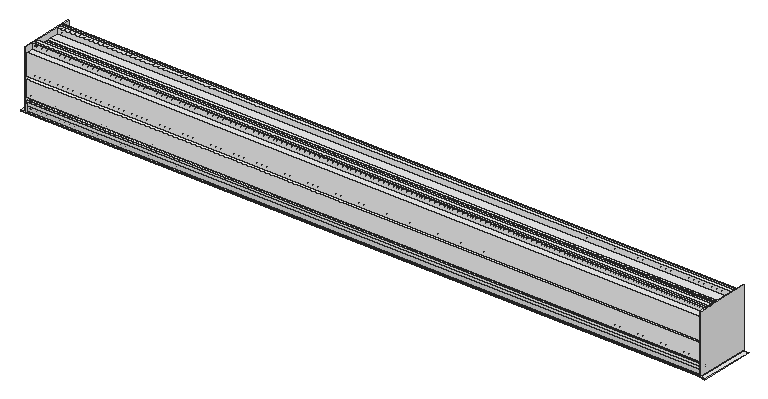
Revit family "MD2-AL4", category Lighting Fixtures, host Ceiling, Revit 2023
Family settings
  Host = Ceiling
  Round Connector Dimension = Use Diameter
  Part Type = Normal
  OmniClass Number = 23.80.70.11.14.11
  OmniClass Title = Downlights
  Always vertical = Yes
  Cut with Voids When Loaded = No
  Light Source = Yes
  Maintain Annotation Orientation = No
  Shared = No
  Room Calculation Point = No
Parameters (values of type "MD2AL4-48-LED840K035LUNV (Ambient Mode)")
  Width = 0' - 3 3/4"
  Wattage = 29.2 W
  built-in parameter 1150110 = 1 (stored number, unit not read)
  Voltage = 120 V
  URL = "https://www.viscor.com/en/products/md2-al4"
  built-in parameter 1114217 = 0.9 (stored number, unit not read)
  Tilt Angle = 90.00°
  built-in parameter 1150109 = 1 (stored number, unit not read)
  built-in parameter 1150134 = 12
  built-in parameter 1150113 = 1 (stored number, unit not read)
  Photometric Web File = "MD2AL4-48-LED840K035LUNV (Ambient Mode).ies"
  Model = "MD2-AL4"  # constant formula
  Manufacturer = "CERTOLUX by VISCOR"  # constant formula
  Lumens = 3522.98 lm
  built-in parameter 1150115 = 1 (stored number, unit not read)
  built-in parameter 1150105 = 280.35 (stored number, unit not read)
  built-in parameter 1150137 = (empty or 0)
  built-in parameter 1150139 = (empty or 0)
  Lens Finsih = Polycarbonate - Viscor - Frosted
  Length = 3' - 11 11/16"
  Lamp Wattage = 29.2 VA
  built-in parameter 1150112 = 1 (stored number, unit not read)
  built-in parameter 1150114 = 1 (stored number, unit not read)
  Lamp = "LED"  # constant formula
  built-in parameter 1150132 = (empty or 0)
  built-in parameter 1150102 = (empty or 0)
  built-in parameter 1150138 = (empty or 0)
  built-in parameter 1150107 = 4000 (stored number, unit not read)
  built-in parameter 1150106 = 2.8035 (stored number, unit not read)
  Housing Finish = Metal - Viscor - White
  Emit from Line Length = Length  # 3' - 11 11/16"
  built-in parameter 1150104 = 11.209 (stored number, unit not read)
  Dimming Lamp Color Temperature Shift = <None>
  Description = "LED Recessed Medical Patient Ambient Exam Troffer "  # constant formula
  Default Elevation = 0' - 0"
  Color Filter = 16777215
  built-in parameter 1114218 = 1 (stored number, unit not read)
  built-in parameter 1150133 = 10 (stored number, unit not read)
  Assembly Code = "D5020200"
  Apparent Load = Lamp Wattage  # 29.2 VA
Types (6): name | Wattage | Photometric Web File | Lumens | built-in parameter 1150105 | Lamp Wattage | built-in parameter 1150106 | built-in parameter 1150104 | Apparent Load
  (no name) | 29.2 W | "MD2AL4-48-LED840K035LUNV (Ambient Mode).ies" | 3522.98 lm | 280.35 (stored number, unit not read) | 29.2 VA | 2.8035 (stored number, unit not read) | 11.209 (stored number, unit not read) | 29.2 VA
  MD2AL4-48-LED840K035LUNV (Ambient Mode) | 29.2 W | "MD2AL4-48-LED840K035LUNV (Ambient Mode).ies" | 3522.98 lm | 280.35 (stored number, unit not read) | 29.2 VA | 2.8035 (stored number, unit not read) | 11.209 (stored number, unit not read) | 29.2 VA
  MD2AL4-48-LED840K040LUNV (Ambient Mode) | 33.9 W | "MD2AL4-48-LED840K040LUNV (Ambient Mode).ies" | 4035.8 lm | 321.16 (stored number, unit not read) | 33.9 VA | 3.2116 (stored number, unit not read) | 11.06 (stored number, unit not read) | 33.9 VA
  MD2AL4-48-LED840K045LUNV (Ambient Mode) | 37.5319 W | "MD2AL4-48-LED840K045LUNV (Ambient Mode).ies" | 4553 lm | 362.32 (stored number, unit not read) | 37.5 VA | 3.6232 (stored number, unit not read) | 11.27 (stored number, unit not read) | 37.5 VA
  MD2AL4-48-LED840K045L_024LUNV (Exam Mode) | 58.5 W | "MD2AL4-48-LED840K045L_024LUNV (Exam Mode).ies" | 6983.73 lm | 555.75 (stored number, unit not read) | 58.5 VA | 5.5575 (stored number, unit not read) | 11.091 (stored number, unit not read) | 58.5 VA
  MD2AL4-48-LED840K045L_028LUNV (Exam Mode) | 62.5 W | "MD2AL4-48-LED840K045L_028LUNV (Exam Mode).ies" | 7411.88 lm | 589.82 (stored number, unit not read) | 62.5 VA | 5.8982 (stored number, unit not read) | 11.017 (stored number, unit not read) | 62.5 VA
Reference planes (in)
  plane 1 "Light Source Axis (F/B)": y = 0
  plane 2 "Ceiling": z = 96
  plane 3 "Light Source Axis (L/R)": x = 0
  plane 4 "Light Source Elevation": z = 95.75
  plane 5: x = -23.84375
  plane 6: x = 23.84375
  plane 7: y = 1.875
  plane 8: y = -1.875
  plane 9: x = -23.50475
  plane 10: x = 23.50475
  plane 11: x = -23.4735
  plane 12: x = 23.4735
Forms (in)
  Extrusion 1, solid, material "Metal - Viscor - White" <- "Housing Finish"
    sketch origin (0, 0, 0.04688) x (0, 1, 0) y (0, 0, 1)
      loop
        line (0.12244, 99.73772) -> (-0.00158, 99.71838) -> (-0.12244, 99.73772) -> (-0.17829, 99.71873) -> (-0.859, 99.71812) -> (-0.859, 100.07813) -> (-1.11086, 100.07813) -> (-1.16081, 99.82743)
        arc (-1.16081, 99.82743) -> (-1.195, 99.71813) -> (-1.22919, 99.82743) r 0.06
        line (-1.22919, 99.82743) -> (-1.27914, 100.07813) -> (-1.333, 100.07813) -> (-1.333, 99.71813) -> (-1.825, 99.71813) -> (-1.825, 98.23627) -> (-1.65552, 98.18949)
        arc (-1.65552, 98.18949) -> (-1.545, 98.15713) -> (-1.65552, 98.12476) r 0.06
        line (-1.65552, 98.12476) -> (-1.825, 98.07798) -> (-1.825, 96.92027) -> (-1.65552, 96.87349)
        arc (-1.65552, 96.87349) -> (-1.545, 96.84113) -> (-1.65552, 96.80876) r 0.06
        line (-1.65552, 96.80876) -> (-1.825, 96.76198) -> (-1.825, 96.60007)
        arc (-1.825, 96.60007) -> (-1.8187, 96.47994) -> (-1.79989, 96.36113) r 1.14925
        line (-1.79989, 96.36113) -> (-1.72974, 96.03113) -> (-1.825, 96.03113) -> (-1.825, 95.95313) -> (-1.53, 95.95313)
        arc (-1.53, 95.95313) -> (-1.50879, 95.96191) -> (-1.5, 95.98313) r 0.03
        line (-1.5, 95.98313) -> (-1.5, 96.03113) -> (-1.65, 96.03113) -> (-1.72359, 96.37734)
        arc (-1.72359, 96.37734) -> (-1.74113, 96.48809) -> (-1.747, 96.60007) r 1.07125
        line (-1.747, 96.60007) -> (-1.747, 96.70313) -> (-1.33, 96.70313) -> (-1.33, 96.78113) -> (-1.48073, 96.78113)
        arc (-1.48073, 96.78113) -> (-1.48919, 96.91617) -> (-1.609, 96.97907) r 0.138
        line (-1.609, 96.97907) -> (-1.609, 97.05913) -> (-1.687, 97.05913) -> (-1.687, 96.97913) -> (-1.747, 96.97913) -> (-1.747, 98.01913) -> (-1.687, 98.01913) -> (-1.687, 97.92913) -> (-1.63271, 97.92913) -> (-1.52301, 97.73912) -> (-1.47637, 97.76605) -> (-1.54629, 97.93544) -> (-1.58054, 97.99475)
        arc (-1.58054, 97.99475) -> (-1.58171, 98.01235) -> (-1.5685, 98.02404) r 0.02
        arc (-1.5685, 98.02404) -> (-1.536, 98.03761) -> (-1.50799, 98.05898) r 0.138
        arc (-1.50799, 98.05898) -> (-1.49126, 98.06457) -> (-1.47661, 98.05475) r 0.02
        line (-1.47661, 98.05475) -> (-1.44237, 97.99544) -> (-1.33063, 97.85019) -> (-1.28399, 97.87712) -> (-1.48549, 98.22613)
        arc (-1.48549, 98.22613) -> (-1.536, 98.27664) -> (-1.605, 98.29513) r 0.138
        line (-1.605, 98.29513) -> (-1.747, 98.29513) -> (-1.747, 98.37513) -> (-1.697, 98.37513) -> (-1.697, 98.45313) -> (-1.747, 98.45313) -> (-1.747, 99.49213) -> (-1.697, 99.49213) -> (-1.697, 99.57013) -> (-1.747, 99.57013) -> (-1.747, 99.64013) -> (-1.087, 99.64013) -> (-1.057, 99.67012) -> (-1.057, 99.88179) -> (-1.057, 100.00012) -> (-0.937, 100.00012) -> (-0.937, 99.88179) -> (-0.937, 99.67012) -> (-0.907, 99.64013) -> (0.907, 99.64013) -> (0.937, 99.67012) -> (0.937, 99.88179) -> (0.937, 100.00012) -> (1.057, 100.00012) -> (1.057, 99.88179) -> (1.057, 99.67012) -> (1.087, 99.64013) -> (1.747, 99.64013) -> (1.747, 99.57013) -> (1.697, 99.57013) -> (1.697, 99.49213) -> (1.747, 99.49213) -> (1.747, 98.45313) -> (1.697, 98.45313) -> (1.697, 98.37513) -> (1.747, 98.37513) -> (1.747, 98.29513) -> (1.605, 98.29513)
        arc (1.605, 98.29513) -> (1.536, 98.27664) -> (1.48549, 98.22613) r 0.138
        line (1.48549, 98.22613) -> (1.28399, 97.87712) -> (1.33063, 97.85019) -> (1.44237, 97.99544) -> (1.47661, 98.05475)
        arc (1.47661, 98.05475) -> (1.49126, 98.06457) -> (1.50799, 98.05898) r 0.02
        arc (1.50799, 98.05898) -> (1.536, 98.03761) -> (1.5685, 98.02404) r 0.138
        arc (1.5685, 98.02404) -> (1.58171, 98.01235) -> (1.58054, 97.99475) r 0.02
        line (1.58054, 97.99475) -> (1.54629, 97.93544) -> (1.47637, 97.76605) -> (1.52301, 97.73912) -> (1.63271, 97.92913) -> (1.687, 97.92913) -> (1.687, 98.01913) -> (1.747, 98.01913) -> (1.747, 96.97913) -> (1.687, 96.97913) -> (1.687, 97.05913) -> (1.609, 97.05913) -> (1.609, 96.97907)
        arc (1.609, 96.97907) -> (1.48919, 96.91617) -> (1.48073, 96.78113) r 0.138
        line (1.48073, 96.78113) -> (1.33, 96.78113) -> (1.33, 96.70313) -> (1.747, 96.70313) -> (1.747, 96.60007)
        arc (1.747, 96.60007) -> (1.74113, 96.48809) -> (1.72359, 96.37734) r 1.07125
        line (1.72359, 96.37734) -> (1.65, 96.03113) -> (1.5, 96.03113) -> (1.5, 95.98313)
        arc (1.5, 95.98313) -> (1.50879, 95.96191) -> (1.53, 95.95313) r 0.03
        line (1.53, 95.95313) -> (1.825, 95.95313) -> (1.825, 96.03113) -> (1.72974, 96.03113) -> (1.79989, 96.36113)
        arc (1.79989, 96.36113) -> (1.8187, 96.47994) -> (1.825, 96.60007) r 1.14925
        line (1.825, 96.60007) -> (1.825, 96.76198) -> (1.65552, 96.80876)
        arc (1.65552, 96.80876) -> (1.545, 96.84113) -> (1.65552, 96.87349) r 0.06
        line (1.65552, 96.87349) -> (1.825, 96.92027) -> (1.825, 98.07798) -> (1.65552, 98.12476)
        arc (1.65552, 98.12476) -> (1.545, 98.15713) -> (1.65552, 98.18949) r 0.06
        line (1.65552, 98.18949) -> (1.825, 98.23627) -> (1.825, 99.71813) -> (1.333, 99.71813) -> (1.333, 100.07813) -> (1.27914, 100.07813) -> (1.22919, 99.82743)
        arc (1.22919, 99.82743) -> (1.195, 99.71813) -> (1.16081, 99.82743) r 0.06
        line (1.16081, 99.82743) -> (1.11086, 100.07813) -> (0.859, 100.07813) -> (0.859, 99.71812) -> (0.17829, 99.71873) -> (0.12744, 99.73724)
    from -23.4735 to 23.4735
  Extrusion 2, solid, material "Metal - Viscor - White" <- "Housing Finish"
    sketch origin (0, 0, 0) x (1, 0, 0) y (0, 0, 1)
      loop
        line (-23.469, 96) -> (-23.469, 100.125) -> (-23.505, 100.125) -> (-23.505, 96.075)
        arc (-23.505, 96.075) -> (-23.51642, 96.04742) -> (-23.544, 96.036) r 0.039
        line (-23.544, 96.036) -> (-23.844, 96.036) -> (-23.844, 96) -> (-23.469, 96)
    from -1.875 to 1.875
  Extrusion 3, solid, material "Metal - Viscor - White" <- "Housing Finish"
    sketch origin (0, 0, 0) x (-1, 0, 0) y (0, 0, -1)
      loop
        line (-23.469, -96) -> (-23.844, -96) -> (-23.844, -96.036) -> (-23.544, -96.036)
        arc (-23.544, -96.036) -> (-23.51642, -96.04742) -> (-23.505, -96.075) r 0.039
        line (-23.505, -96.075) -> (-23.505, -100.125) -> (-23.469, -100.125) -> (-23.469, -96)
    from -1.875 to 1.875
  Extrusion 4, solid, material "Polycarbonate - Viscor - Frosted" <- "Lens Finsih"
    sketch origin (0, 0, 0.07422) x (0, 1, 0) y (0, 0, 1)
      loop
        line (1.49923, 95.96515) -> (1.46765, 96.10192) -> (1.57366, 96.03568)
        arc (1.57366, 96.03568) -> (1.615, 96.04523) -> (1.60545, 96.08657) r 0.03
        line (1.60545, 96.08657) -> (1.44857, 96.1846) -> (1.39967, 96.3964) -> (1.54151, 96.50722)
        arc (1.54151, 96.50722) -> (1.54668, 96.54933) -> (1.50457, 96.5545) r 0.03
        line (1.50457, 96.5545) -> (1.37901, 96.4564) -> (1.326, 96.4564)
        arc (1.326, 96.4564) -> (1.30521, 96.45268) -> (1.287, 96.44199) r 0.06
        arc (1.287, 96.44199) -> (1.248, 96.4564) -> (1.209, 96.44199) r 0.06
        arc (1.209, 96.44199) -> (1.17, 96.4564) -> (1.131, 96.44199) r 0.06
        arc (1.131, 96.44199) -> (1.092, 96.4564) -> (1.053, 96.44199) r 0.06
        arc (1.053, 96.44199) -> (1.014, 96.4564) -> (0.975, 96.44199) r 0.06
        arc (0.975, 96.44199) -> (0.936, 96.4564) -> (0.897, 96.44199) r 0.06
        arc (0.897, 96.44199) -> (0.858, 96.4564) -> (0.819, 96.44199) r 0.06
        arc (0.819, 96.44199) -> (0.78, 96.4564) -> (0.741, 96.44199) r 0.06
        arc (0.741, 96.44199) -> (0.702, 96.4564) -> (0.663, 96.44199) r 0.06
        arc (0.663, 96.44199) -> (0.624, 96.4564) -> (0.585, 96.44199) r 0.06
        arc (0.585, 96.44199) -> (0.546, 96.4564) -> (0.507, 96.44199) r 0.06
        arc (0.507, 96.44199) -> (0.468, 96.4564) -> (0.429, 96.44199) r 0.06
        arc (0.429, 96.44199) -> (0.39, 96.4564) -> (0.351, 96.44199) r 0.06
        arc (0.351, 96.44199) -> (0.312, 96.4564) -> (0.273, 96.44199) r 0.06
        arc (0.273, 96.44199) -> (0.234, 96.4564) -> (0.195, 96.44199) r 0.06
        arc (0.195, 96.44199) -> (0.156, 96.4564) -> (0.117, 96.44199) r 0.06
        arc (0.117, 96.44199) -> (0.078, 96.4564) -> (0.039, 96.44199) r 0.06
        arc (0.039, 96.44199) -> (0, 96.4564) -> (-0.039, 96.44199) r 0.06
        arc (-0.039, 96.44199) -> (-0.078, 96.4564) -> (-0.117, 96.44199) r 0.06
        arc (-0.117, 96.44199) -> (-0.156, 96.4564) -> (-0.195, 96.44199) r 0.06
        arc (-0.195, 96.44199) -> (-0.234, 96.4564) -> (-0.273, 96.44199) r 0.06
        arc (-0.273, 96.44199) -> (-0.312, 96.4564) -> (-0.351, 96.44199) r 0.06
        arc (-0.351, 96.44199) -> (-0.39, 96.4564) -> (-0.429, 96.44199) r 0.06
        arc (-0.429, 96.44199) -> (-0.468, 96.4564) -> (-0.507, 96.44199) r 0.06
        arc (-0.507, 96.44199) -> (-0.546, 96.4564) -> (-0.585, 96.44199) r 0.06
        arc (-0.585, 96.44199) -> (-0.624, 96.4564) -> (-0.663, 96.44199) r 0.06
        arc (-0.663, 96.44199) -> (-0.702, 96.4564) -> (-0.741, 96.44199) r 0.06
        arc (-0.741, 96.44199) -> (-0.78, 96.4564) -> (-0.819, 96.44199) r 0.06
        arc (-0.819, 96.44199) -> (-0.858, 96.4564) -> (-0.897, 96.44199) r 0.06
        arc (-0.897, 96.44199) -> (-0.936, 96.4564) -> (-0.975, 96.44199) r 0.06
        arc (-0.975, 96.44199) -> (-1.014, 96.4564) -> (-1.053, 96.44199) r 0.06
        arc (-1.053, 96.44199) -> (-1.092, 96.4564) -> (-1.131, 96.44199) r 0.06
        arc (-1.131, 96.44199) -> (-1.17, 96.4564) -> (-1.209, 96.44199) r 0.06
        arc (-1.209, 96.44199) -> (-1.248, 96.4564) -> (-1.287, 96.44199) r 0.06
        arc (-1.287, 96.44199) -> (-1.30521, 96.45268) -> (-1.326, 96.4564) r 0.06
        line (-1.326, 96.4564) -> (-1.37901, 96.4564) -> (-1.50457, 96.5545)
        arc (-1.50457, 96.5545) -> (-1.54668, 96.54933) -> (-1.54151, 96.50722) r 0.03
        line (-1.54151, 96.50722) -> (-1.39967, 96.3964) -> (-1.44857, 96.1846) -> (-1.60545, 96.08657)
        arc (-1.60545, 96.08657) -> (-1.615, 96.04523) -> (-1.57366, 96.03568) r 0.03
        line (-1.57366, 96.03568) -> (-1.46765, 96.10192) -> (-1.49923, 95.96515)
        arc (-1.49923, 95.96515) -> (-1.47675, 95.92917) -> (-1.44077, 95.95165) r 0.03
        line (-1.44077, 95.95165) -> (-1.33809, 96.3964) -> (1.33809, 96.3964) -> (1.44077, 95.95165)
        arc (1.44077, 95.95165) -> (1.47675, 95.92917) -> (1.49923, 95.96515) r 0.03
    from -23.4735 to 23.4735
  Extrusion 5, void
    sketch origin (0, 0, 96) x (1, 0, 0) y (0, 1, 0)
      loop
        line (-23.844, -1.875) -> (23.844, -1.875) -> (23.844, 1.875) -> (-23.844, 1.875) -> (-23.844, -1.875)
    from -0.09266 to 0
Cuts and joins
  Extrusion 5 cuts Extrusion 1
  Extrusion 5 cuts Extrusion 2
  Extrusion 5 cuts Extrusion 3
  Extrusion 5 cuts Extrusion 4
Dimensions and locks (in)
  equal spacing: host sketch curve, plane 3 "Light Source Axis (L/R)", host sketch curve
  equal spacing: host sketch curve, plane 1 "Light Source Axis (F/B)", host sketch curve
  host sketch curve to host sketch curve = 10' - 0"  (x2)
  equal spacing: plane 5, plane 3 "Light Source Axis (L/R)", plane 6
  "Length": plane 5 to plane 6
  equal spacing: plane 7, plane 1 "Light Source Axis (F/B)", plane 8
  "Width": plane 7 to plane 8
  plane 5 to plane 3 "Light Source Axis (L/R)" = 1' - 11 27/32"
  plane 7 to plane 1 "Light Source Axis (F/B)" = 0' - 1 7/8"
  plane 6 to plane 3 "Light Source Axis (L/R)" = 1' - 11 27/32"
  locked: plane 9 to plane 5 at 0.339
  locked: plane 10 to plane 6 at 0.339
  locked: plane 11 to plane 9 at 0.03125
  locked: plane 12 to plane 10 at 0.03125
  aligned and locked: plane 3 "Light Source Axis (L/R)" to imposter light
  aligned and locked: plane 1 "Light Source Axis (F/B)" to imposter light
  aligned and locked: plane 4 "Light Source Elevation" to imposter light
  aligned and locked: Extrusion 1 to plane 11
  aligned and locked: plane 12 to Extrusion 1
  aligned and locked: plane 7 to Extrusion 2
  aligned and locked: Extrusion 2 to plane 8
  aligned and locked: plane 7 to Extrusion 3
  aligned and locked: Extrusion 3 to plane 8
  aligned and locked: Extrusion 4 to plane 11
  aligned and locked: plane 12 to Extrusion 4
Automatic sketch dimensions
  Extrusion 1 sketch curve to Extrusion 1 sketch curve = 0' - 0"  (x29)
  plane 8 to Extrusion 1 sketch curve = 0' - 0.05"  (x4)
  plane 8 to Extrusion 1 sketch curve = 0' - 0.07511"
  plane 8 to Extrusion 1 sketch curve = 0' - 0.128"  (x2)
  Extrusion 1 sketch curve to Extrusion 1 sketch curve = 0' - 0.078"  (x16)
  plane 2 "Ceiling" to Extrusion 1 sketch curve = 0' - 0.078"  (x4)
  Extrusion 1 sketch curve to Extrusion 1 sketch curve = 0' - 0.09526"
  Extrusion 1 sketch curve to Extrusion 1 sketch curve = 0' - 0.0763"
  Extrusion 1 sketch curve to Extrusion 1 sketch curve = 0' - 0.05"  (x5)
  Extrusion 1 sketch curve to Extrusion 1 sketch curve = 0' - 0.06"  (x7)
  Extrusion 1 sketch curve to Extrusion 1 sketch curve = 0' - 0.09148"  (x2)
  Extrusion 1 sketch curve to Extrusion 1 sketch curve = 0' - 0.07974"  (x2)
  Extrusion 1 sketch curve to Extrusion 1 sketch curve = 0' - 0.05429"  (x2)
  Extrusion 1 sketch curve to Extrusion 1 sketch curve = 0' - 0.05052"  (x6)
  Extrusion 1 sketch curve to Extrusion 1 sketch curve = 0' - 0.05218"  (x2)
  Extrusion 1 sketch curve to Extrusion 1 sketch curve = 0' - 0.01732"  (x4)
  Extrusion 1 sketch curve to Extrusion 1 sketch curve = 0' - 0.03424"  (x3)
  plane 2 "Ceiling" to Extrusion 1 sketch curve = 0' - 0.03"  (x2)
  Extrusion 1 sketch curve to Extrusion 1 sketch curve = 0' - 0.12"  (x4)
  Extrusion 1 sketch curve to Extrusion 1 sketch curve = 0' - 0.02328"
  Extrusion 1 sketch curve to Extrusion 1 sketch curve = 0' - 0.03"  (x8)
  Extrusion 1 sketch curve to Extrusion 1 sketch curve = 0' - 0.06928"
  Extrusion 1 sketch curve to Extrusion 1 sketch curve = 0' - 0.11951"  (x2)
  Extrusion 1 sketch curve to Extrusion 1 sketch curve = 0' - 0.12427"  (x2)
  Extrusion 1 sketch curve to Extrusion 1 sketch curve = 0' - 0.04664"  (x4)
  Extrusion 1 sketch curve to Extrusion 1 sketch curve = 0' - 0.364"
  Extrusion 1 sketch curve to Extrusion 1 sketch curve = 0' - 0.14574"  (x2)
  Extrusion 1 sketch curve to Extrusion 1 sketch curve = 0' - 0.15073"  (x2)
  Extrusion 1 sketch curve to Extrusion 1 sketch curve = 0' - 0.05386"  (x3)
  Extrusion 1 sketch curve to Extrusion 1 sketch curve = 0' - 0.10381"  (x2)
  Extrusion 1 sketch curve to Extrusion 1 sketch curve = 0' - 0.03419"  (x4)
  Extrusion 1 sketch curve to Extrusion 1 sketch curve = 0' - 0.16828"  (x2)
  Extrusion 1 sketch curve to Extrusion 1 sketch curve = 0' - 0.108"
  Extrusion 1 sketch curve to Extrusion 1 sketch curve = 0' - 0.65425"
  plane 1 "Light Source Axis (F/B)" to Extrusion 1 sketch curve = 0' - 0.17829"
  Extrusion 1 sketch curve to Extrusion 1 sketch curve = 0' - 0.05585"  (x2)
  plane 1 "Light Source Axis (F/B)" to Extrusion 1 sketch curve = 0' - 0.00158"
  Extrusion 1 sketch curve to plane 1 "Light Source Axis (F/B)" = 0' - 0.17829"
  Extrusion 1 sketch curve to plane 1 "Light Source Axis (F/B)" = 0' - 0.67575"
  Extrusion 1 sketch curve to Extrusion 1 sketch curve = 0' - 0.68071"
  Extrusion 1 sketch curve to Extrusion 1 sketch curve = 0' - 0.048"
  Extrusion 1 sketch curve to plane 7 = 0' - 0.59101"
  Extrusion 1 sketch curve to plane 7 = 0' - 0.545"
  Extrusion 1 sketch curve to Extrusion 1 sketch curve = 0' - 0.138"
  Extrusion 1 sketch curve to Extrusion 1 sketch curve = 0' - 0.11174"
  Extrusion 1 sketch curve to Extrusion 1 sketch curve = 0' - 0.00888"
  Extrusion 1 sketch curve to plane 7 = 0' - 0 3/8"
  Extrusion 1 sketch curve to Extrusion 1 sketch curve = 0' - 0.10392"
  Extrusion 1 sketch curve to Extrusion 1 sketch curve = 0' - 0.01692"
  Extrusion 1 sketch curve to Extrusion 1 sketch curve = 0' - 0.004"
  Extrusion 1 sketch curve to plane 7 = 0' - 0.178"  (x2)
  Extrusion 1 sketch curve to plane 7 = 0' - 0.15141"
  Extrusion 1 sketch curve to plane 7 = 0' - 0.128"
  Extrusion 1 sketch curve to plane 7 = 0' - 0.07511"
  Extrusion 1 sketch curve to plane 7 = 0' - 0.05"  (x4)
  Extrusion 1 sketch curve to Extrusion 1 sketch curve = 0' - 0.33"  (x2)
  Extrusion 1 sketch curve to Extrusion 1 sketch curve = 0' - 0.10306"  (x2)
  Extrusion 1 sketch curve to Extrusion 1 sketch curve = 0' - 0.05886"  (x6)
  Extrusion 1 sketch curve to Extrusion 1 sketch curve = 0' - 0.10563"  (x4)
  Extrusion 1 sketch curve to Extrusion 1 sketch curve = 0' - 0.03237"  (x4)
  Extrusion 1 sketch curve to Extrusion 1 sketch curve = 0' - 0.15828"  (x2)
  Extrusion 1 sketch curve to Extrusion 1 sketch curve = 0' - 0.00006"  (x2)
  Extrusion 1 sketch curve to Extrusion 1 sketch curve = 0' - 0.08006"
  Extrusion 1 sketch curve to Extrusion 1 sketch curve = 0' - 0.08"  (x3)
  Extrusion 1 sketch curve to Extrusion 1 sketch curve = 0' - 0.67999"  (x2)
  Extrusion 1 sketch curve to Extrusion 1 sketch curve = 0' - 0.02693"  (x4)
  Extrusion 1 sketch curve to Extrusion 1 sketch curve = 0' - 0.08414"  (x2)
  Extrusion 1 sketch curve to Extrusion 1 sketch curve = 0' - 0.00632"  (x2)
  Extrusion 1 sketch curve to Extrusion 1 sketch curve = 0' - 0.05931"  (x2)
  Extrusion 1 sketch curve to Extrusion 1 sketch curve = 0' - 0.01"  (x4)
  Extrusion 1 sketch curve to Extrusion 1 sketch curve = 0' - 0.09"  (x2)
  Extrusion 1 sketch curve to Extrusion 1 sketch curve = 0' - 0.04931"  (x2)
  Extrusion 1 sketch curve to Extrusion 1 sketch curve = 0' - 1.039"  (x2)
  Extrusion 1 sketch curve to Extrusion 1 sketch curve = 0' - 0.07"  (x2)
  Extrusion 1 sketch curve to Extrusion 1 sketch curve = 0' - 0.07799"  (x2)
  Extrusion 1 sketch curve to Extrusion 1 sketch curve = 0' - 0.00026"
  Extrusion 1 sketch curve to Extrusion 1 sketch curve = 0' - 0.00035"  (x2)
  Extrusion 1 sketch curve to Extrusion 1 sketch curve = 0' - 0.01899"
  Extrusion 1 sketch curve to Extrusion 1 sketch curve = 0' - 0.0493"  (x2)
  Extrusion 1 sketch curve to Extrusion 1 sketch curve = 0' - 0.05436"  (x2)
  Extrusion 1 sketch curve to Extrusion 1 sketch curve = 0' - 0.16367"
  Extrusion 1 sketch curve to Extrusion 1 sketch curve = 0' - 0.11834"  (x2)
  Extrusion 1 sketch curve to Extrusion 1 sketch curve = 0' - 0.005"
  Extrusion 1 sketch curve to Extrusion 1 sketch curve = 0' - 0.01851"
  Extrusion 1 sketch curve to Extrusion 1 sketch curve = 0' - 0.00048"
  Extrusion 2 sketch curve to plane 2 "Ceiling" = 0' - 0"
  Extrusion 2 sketch curve to plane 5 = 0' - 0.00025"
  Extrusion 2 sketch curve to plane 9 = 0' - 0.03925"
  Extrusion 2 sketch curve to plane 9 = 0' - 0.00025"
  plane 11 to Extrusion 2 sketch curve = 0' - 0.0045"
  plane 2 "Ceiling" to Extrusion 2 sketch curve = 0' - 0.036"
  Extrusion 2 sketch curve to Extrusion 2 sketch curve = 0' - 4.05"
  Extrusion 3 sketch curve to plane 2 "Ceiling" = 0' - 0"
  plane 6 to Extrusion 3 sketch curve = 0' - 0.00025"
  plane 10 to Extrusion 3 sketch curve = 0' - 0.03925"
  plane 10 to Extrusion 3 sketch curve = 0' - 0.00025"
  Extrusion 3 sketch curve to plane 12 = 0' - 0.0045"
  plane 2 "Ceiling" to Extrusion 3 sketch curve = 0' - 0.036"
  Extrusion 3 sketch curve to Extrusion 3 sketch curve = 0' - 4.05"
  plane 2 "Ceiling" to Extrusion 4 sketch curve = 0' - 0.03262"
  Extrusion 4 sketch curve to plane 7 = 0' - 0.405"
  plane 2 "Ceiling" to Extrusion 4 sketch curve = 0' - 0.03936"
  Extrusion 4 sketch curve to Extrusion 4 sketch curve = 0' - 0.02923"  (x4)
  plane 2 "Ceiling" to Extrusion 4 sketch curve = 0' - 0.17614"  (x2)
  Extrusion 4 sketch curve to Extrusion 4 sketch curve = 0' - 0.03158"  (x2)
  Extrusion 4 sketch curve to Extrusion 4 sketch curve = 0' - 0.12956"
  Extrusion 4 sketch curve to Extrusion 4 sketch curve = 0' - 0.29447"
  plane 2 "Ceiling" to Extrusion 4 sketch curve = 0' - 0.1099"  (x2)
  Extrusion 4 sketch curve to Extrusion 4 sketch curve = 0' - 0.07443"  (x2)
  Extrusion 4 sketch curve to Extrusion 4 sketch curve = 0' - 0.0159"  (x4)
  Extrusion 4 sketch curve to Extrusion 4 sketch curve = 0' - 0.02544"  (x2)
  plane 2 "Ceiling" to Extrusion 4 sketch curve = 0' - 0.25882"  (x2)
  Extrusion 4 sketch curve to Extrusion 4 sketch curve = 0' - 0.01909"  (x2)
  Extrusion 4 sketch curve to Extrusion 4 sketch curve = 0' - 0.06158"  (x2)
  Extrusion 4 sketch curve to Extrusion 4 sketch curve = 0' - 0"  (x3)
  Extrusion 4 sketch curve to Extrusion 4 sketch curve = 0' - 0.14184"  (x2)
  Extrusion 4 sketch curve to Extrusion 4 sketch curve = 0' - 0.11082"  (x2)
  Extrusion 4 sketch curve to Extrusion 4 sketch curve = 0' - 0.01847"  (x4)
  Extrusion 4 sketch curve to Extrusion 4 sketch curve = 0' - 0.02364"  (x2)
  Extrusion 4 sketch curve to Extrusion 4 sketch curve = 0' - 0.02066"  (x2)
  Extrusion 4 sketch curve to Extrusion 4 sketch curve = 0' - 0.06"  (x2)
  plane 8 to Extrusion 4 sketch curve = 0' - 0.53691"
  plane 2 "Ceiling" to Extrusion 4 sketch curve = 0' - 0.02587"
  plane 8 to Extrusion 4 sketch curve = 0' - 0.43423"
  Extrusion 4 sketch curve to Extrusion 4 sketch curve = 0' - 0.00675"
  Extrusion 4 sketch curve to Extrusion 4 sketch curve = 0' - 0.05301"
  Extrusion 4 sketch curve to Extrusion 4 sketch curve = 0' - 0.039"  (x65)
  Extrusion 4 sketch curve to Extrusion 4 sketch curve = 0' - 0.0456"  (x33)
  plane 1 "Light Source Axis (F/B)" to Extrusion 4 sketch curve = 0' - 0.039"
  Extrusion 4 sketch curve to plane 1 "Light Source Axis (F/B)" = 0' - 0"
  Extrusion 4 sketch curve to plane 1 "Light Source Axis (F/B)" = 0' - 0.039"
  plane 7 to Extrusion 5 sketch curve = 0' - 0"
  Extrusion 5 sketch curve to plane 8 = 0' - 0"
  Extrusion 5 sketch curve to plane 5 = 0' - 0.00025"
  plane 6 to Extrusion 5 sketch curve = 0' - 0.00025"
Connectors (in)
  electrical at (0, 0, 95.75), driven by "Voltage", driven by "Lamp Wattage"
    settings: index 1, voltage 120 V, apparent load 0 VA, apparent load phase1 29.2 VA, apparent load phase2 0 VA, apparent load phase3 0 VA, power factor 1, load classification "Other", number of poles 1, system type 31, power factor state 1, is connector primary yes, connector utility no, sub classification motor no, connector description ""
